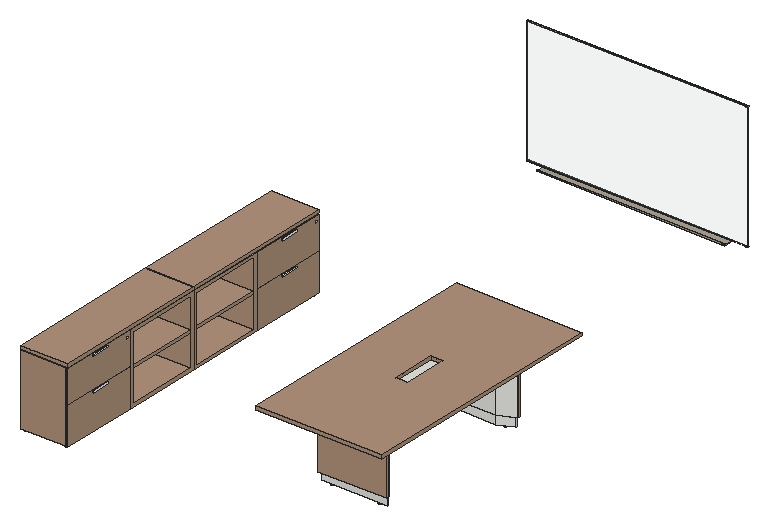
Revit family "Expansion_Casegoods-Meeting_08-Teknion-R2019", category Furniture Systems, Revit 2019 (continued)
Definition of nested family "Tables-Meeting-Teknion-BC_MHRB_Height_Adjustable_Meeting_Table_Bevel_Bases-R2019"
  Lines and regions (in)
    symbolic lines, detail levels medium+fine
      curve 41: line (-31.76025, 13, 0) -> (-31.76025, -13, 0)
      curve 42: line (-30.74425, 13, 0) -> (-31.76025, 13, 0)
      curve 43: line (-27.9096, -5.90551, 0) -> (-22.32299, -5.90551, 0)
      curve 44: line (-22.32299, -5.90551, 0) -> (-22.32299, 5.90551, 0)
      curve 45: line (-22.32299, 5.90551, 0) -> (-27.9096, 5.90551, 0)
      curve 46: line (27.9096, 5.90551, 0) -> (22.32299, 5.90551, 0)
      curve 47: line (22.32299, -5.90551, 0) -> (27.9096, -5.90551, 0)
      curve 48: line (22.32299, 5.90551, 0) -> (22.32299, -5.90551, 0)
      curve 49: line (27.9096, 6.99213, 0) -> (-27.9096, 6.99213, 0)
      curve 50: line (27.9096, 2.16535, 0) -> (-27.9096, 2.16535, 0)
      curve 51: line (-27.9096, -2.16535, 0) -> (27.9096, -2.16535, 0)
      curve 52: line (-27.9096, -6.99213, 0) -> (27.9096, -6.99213, 0)
    symbolic lines, detail levels fine
      curve 53: arc (-30.00016, 8.58268, 0) -> (-29.50016, 9.08268, 0) -> (-30.00016, 9.58268, 0) r 0.5
      curve 54: arc (-30.00016, 9.58268, 0) -> (-30.50016, 9.08268, 0) -> (-30.00016, 8.58268, 0) r 0.5
      curve 55: arc (-30.00016, -9.58268, 0) -> (-29.50016, -9.08268, 0) -> (-30.00016, -8.58268, 0) r 0.5
      curve 56: arc (-30.00016, -8.58268, 0) -> (-30.50016, -9.08268, 0) -> (-30.00016, -9.58268, 0) r 0.5
      curve 57: arc (30.00016, -9.58268, 0) -> (30.50016, -9.08268, 0) -> (30.00016, -8.58268, 0) r 0.5
      curve 58: arc (30.00016, -8.58268, 0) -> (29.50016, -9.08268, 0) -> (30.00016, -9.58268, 0) r 0.5
      curve 59: arc (30.00016, 9.58268, 0) -> (29.50016, 9.08268, 0) -> (30.00016, 8.58268, 0) r 0.5
      curve 60: arc (30.00016, 8.58268, 0) -> (30.50016, 9.08268, 0) -> (30.00016, 9.58268, 0) r 0.5
  Dimensions and locks (in)
    "Actual Width": plane 4 "Left" to plane 5 "Right"
    "Depth": plane 6 "Back" to plane 7 "Front"
    "Worksurface Thickness": plane 8 "Top" to plane 11
    equal spacing: plane 4 "Left", plane 3 "Center Left/Right", plane 5 "Right"
    equal spacing: plane 6 "Back", plane 1 "Center Front/Back", plane 7 "Front"
    locked: plane 8 "Top" to Sweep 2 sketch curve at 3
    "Rounded": Sweep 2 sketch curve to Sweep 2 sketch curve
    locked: plane 6 "Back" to Sweep 2 sketch curve at 2.875  (x2)
    locked: plane 4 "Left" to Sweep 2 sketch curve at 2.875  (x2)
    locked: plane 7 "Front" to Sweep 2 sketch curve at 2.875  (x2)
    locked: Sweep 2 sketch curve to plane 5 "Right" at 2.875  (x2)
    locked: plane 8 "Top" to Sweep 3 sketch curve at 3
    "Linear 18": Sweep 3 sketch curve to Sweep 3 sketch curve
    Sweep 3 sketch curve to plane 3 "Center Left/Right" to Sweep 3 sketch curve = 8.38583" locked, 8.38583" locked
    Sweep 3 sketch curve to plane 1 "Center Front/Back" to Sweep 3 sketch curve = 2.32283" locked, 2.32283" locked
    locked: plane 8 "Top" to Sweep 4 sketch curve at 3
    "Linear 8": Sweep 4 sketch curve to Sweep 4 sketch curve
    Sweep 4 sketch curve to plane 3 "Center Left/Right" to Sweep 4 sketch curve = 3.87795" locked, 3.87795" locked
    Sweep 4 sketch curve to plane 1 "Center Front/Back" to Sweep 4 sketch curve = 2.32283" locked, 2.32283" locked
    locked: plane 8 "Top" to Sweep 5 sketch curve at 3
    "Power": Sweep 5 sketch curve to Sweep 5 sketch curve
    Sweep 5 sketch curve to plane 3 "Center Left/Right" to Sweep 5 sketch curve = 2.24409" locked, 2.24409" locked
    Sweep 5 sketch curve to plane 1 "Center Front/Back" to Sweep 5 sketch curve = 1.65354" locked, 1.65354" locked
    equal spacing: plane 9, plane 3 "Center Left/Right", plane 10
    "Base Offset": plane 9 to plane 10
    locked: Sweep 6 sketch curve to Sweep 6 sketch curve at 24.35818
    "Worksurface Thickness": plane 8 "Top" to Sweep 6 sketch curve
    locked: plane 9 to Sweep 6 sketch curve at 1.01575
    locked: Sweep 6 sketch curve to plane 10 at 1.01575
    Sweep 6 sketch curve to Sweep 6 sketch curve to plane 1 "Center Front/Back" to Sweep 6 sketch curve to Sweep 6 sketch curve = 0.000" locked, 13.000" locked, 13.000" locked, 0.000" locked
    locked: Sweep 7 sketch curve to Sweep 7 sketch curve at 24.35818
    "Worksurface Thickness": plane 8 "Top" to Sweep 7 sketch curve
    Sweep 7 sketch curve to Sweep 7 sketch curve to plane 1 "Center Front/Back" to Sweep 7 sketch curve to Sweep 7 sketch curve = 0.000" locked, 13.000" locked, 13.000" locked, 0.000" locked
    plane 9 to Sweep 7 sketch curve to Sweep 7 sketch curve = 1.01575" locked, 2.83465" locked
    Sweep 7 sketch curve to Sweep 7 sketch curve to plane 10 = 2.83465" locked, 1.01575" locked
    locked: Sweep 8 sketch curve to level at 0.60236
    locked: Sweep 7 to Sweep 8 sketch curve at 0
    plane 9 to Sweep 8 sketch curve to Sweep 8 sketch curve = 1.09449" locked, 2.67717" locked
    Sweep 8 sketch curve to Sweep 8 sketch curve to plane 10 = 2.67717" locked, 1.09449" locked
    Sweep 8 sketch curve to Sweep 8 sketch curve to plane 1 "Center Front/Back" to Sweep 8 sketch curve to Sweep 8 sketch curve = 0.000" locked, 12.63741" locked, 12.63741" locked, 0.000" locked
    locked: Sweep 9 sketch curve to plane 10 at 3.8504
    locked: plane 9 to Sweep 9 sketch curve at 3.8504
    Sweep 9 sketch curve to plane 1 "Center Front/Back" to Sweep 9 sketch curve = 6.99213" locked, 6.99213" locked
    locked: Sweep 9 sketch curve to plane 11 at 4.8818
    locked: Sweep 10 sketch curve to Sweep 10 sketch curve at 0.59046
    plane 9 to Sweep 10 sketch curve to Sweep 10 sketch curve = 3.8504" locked, 5.58661" locked
    Sweep 10 sketch curve to Sweep 10 sketch curve to plane 10 = 5.58661" locked, 3.8504" locked
    Sweep 10 sketch curve to Sweep 10 sketch curve to plane 1 "Center Front/Back" to Sweep 10 sketch curve to Sweep 10 sketch curve = 0.000" locked, 5.90551" locked, 5.90551" locked, 0.000" locked
    Sweep 11 sketch curve to level to Sweep 11 sketch curve = 0.60236" locked, 0.000" locked
    plane 9 to Sweep 11 sketch curve to Sweep 11 sketch curve = 1.75984" locked, 0.000" locked
    Sweep 11 sketch curve to Sweep 11 sketch curve to plane 10 = 0.000" locked, 1.75984" locked
    Sweep 11 sketch curve to Sweep 11 sketch curve to plane 1 "Center Front/Back" to Sweep 11 sketch curve to Sweep 11 sketch curve = 0.000" locked, 9.08268" locked, 9.08268" locked, 0.000" locked
    "End Pannel Thickness": Sweep 6 sketch curve to Sweep 6 sketch curve  (x2)
    locked: plane 13 to level at 0.60236
    locked: plane 11 to plane 12 at 24.35818
    "Height": plane 8 "Top" to level
    aligned and locked: level to plane 2
    aligned and locked: Sweep 1 sketch curve to plane 3 "Center Left/Right"
    aligned and locked: plane 6 "Back" to Sweep 1 sketch curve
    aligned and locked: plane 4 "Left" to Sweep 1 sketch curve
    aligned and locked: Sweep 1 sketch curve to plane 7 "Front"
    aligned and locked: Sweep 1 sketch curve to plane 5 "Right"
    aligned and locked: Sweep 2 sketch curve to plane 3 "Center Left/Right"
    aligned and locked: Sweep 2 sketch curve to plane 5 "Right"
    aligned and locked: plane 4 "Left" to Sweep 2 sketch curve
    aligned and locked: Sweep 2 sketch curve to plane 7 "Front"
    aligned and locked: plane 7 "Front" to Sweep 2 sketch curve
    aligned and locked: plane 3 "Center Left/Right" to Sweep 3 sketch curve
    aligned and locked: plane 3 "Center Left/Right" to Sweep 4 sketch curve
    aligned and locked: plane 3 "Center Left/Right" to Sweep 5 sketch curve
    aligned and locked: Masking region 1 sketch curve to plane 4 "Left"
    aligned and locked: plane 6 "Back" to Masking region 1 sketch curve
    aligned and locked: plane 7 "Front" to Masking region 1 sketch curve
    aligned and locked: Masking region 1 sketch curve to plane 5 "Right"
    aligned and locked: Masking region 2 sketch curve to plane 4 "Left"
    aligned and locked: plane 7 "Front" to Masking region 2 sketch curve
    aligned and locked: Masking region 2 sketch curve to plane 5 "Right"
    aligned and locked: plane 6 "Back" to Masking region 2 sketch curve
    aligned and locked: curve 1 to Sweep 3
    aligned and locked: curve 2 to Sweep 3
    aligned and locked: curve 3 to Sweep 3
    aligned and locked: curve 4 to Sweep 3
    aligned and locked: curve 5 to Sweep 4
    aligned and locked: curve 6 to Sweep 4
    aligned and locked: curve 7 to Sweep 4
    aligned and locked: curve 8 to Sweep 4
    aligned and locked: curve 10 to Sweep 5
    aligned and locked: curve 12 to Sweep 5
    aligned and locked: plane 3 "Center Left/Right" to Sweep 6 sketch curve
    aligned and locked: plane 3 "Center Left/Right" to Sweep 7 sketch curve
    aligned and locked: plane 3 "Center Left/Right" to Sweep 8 sketch curve
    aligned and locked: plane 1 "Center Front/Back" to Sweep 9 sketch curve
    aligned and locked: plane 3 "Center Left/Right" to Sweep 10 sketch curve
    aligned and locked: Sweep 11 sketch curve to plane 3 "Center Left/Right"
    aligned and locked: curve 13 to Sweep 7
    aligned and locked: curve 14 to Sweep 7
    aligned and locked: curve 15 to Sweep 7
    aligned and locked: curve 16 to Sweep 7
    aligned and locked: curve 17 to Sweep 7
    aligned and locked: curve 18 to Sweep 7
    aligned and locked: curve 19 to Sweep 8
    aligned and locked: curve 20 to Sweep 8
    aligned and locked: curve 21 to Sweep 8
    aligned and locked: curve 22 to Sweep 8
    aligned and locked: curve 23 to Sweep 8
    aligned and locked: curve 24 to Sweep 8
    aligned and locked: curve 25 to Sweep 7
    aligned and locked: curve 26 to Sweep 7
    aligned and locked: curve 27 to Sweep 7
    aligned and locked: curve 28 to Sweep 7
    aligned and locked: curve 29 to Sweep 7
    aligned and locked: curve 30 to Sweep 7
    aligned and locked: curve 31 to Sweep 8
    aligned and locked: curve 32 to Sweep 8
    aligned and locked: curve 33 to Sweep 8
    aligned and locked: curve 35 to Sweep 8
    aligned and locked: curve 36 to Sweep 8
    aligned and locked: curve 37 to Sweep 6
    aligned and locked: curve 38 to Sweep 6
    aligned and locked: curve 39 to Sweep 6
    aligned and locked: curve 40 to Sweep 6
    aligned and locked: curve 41 to Sweep 6
    aligned and locked: curve 42 to Sweep 6
    aligned and locked: curve 43 to Sweep 10
    aligned and locked: curve 44 to Sweep 10
    aligned and locked: curve 45 to Sweep 10
    aligned and locked: curve 46 to Sweep 10
    aligned and locked: curve 47 to Sweep 10
    aligned and locked: curve 48 to Sweep 10
    aligned and locked: curve 49 to Sweep 9
    aligned and locked: curve 50 to Sweep 9
    aligned and locked: curve 51 to Sweep 9
    aligned and locked: curve 52 to Sweep 9
    aligned and locked: curve 53 to Sweep 11
    aligned and locked: curve 54 to Sweep 11
    aligned and locked: curve 55 to Sweep 11
    aligned and locked: curve 56 to Sweep 11
    aligned and locked: curve 57 to Sweep 11
    aligned and locked: curve 58 to Sweep 11
    aligned and locked: curve 59 to Sweep 11
    aligned and locked: curve 60 to Sweep 11
    aligned and locked: plane 8 "Top" to Sweep 1 sketch curve
    aligned and locked: plane 11 to Sweep 1 sketch curve
    aligned and locked: plane 11 to Sweep 10 sketch curve
    aligned and locked: plane 11 to Sweep 9 sketch curve
  Automatic sketch dimensions
    plane 4 "Left" to Masking region 2 sketch curve = 2.875"  (x2)
    Masking region 2 sketch curve to Masking region 2 sketch curve = 2.875"  (x2)
    curve 5 to curve 9 = 1.63386"
    Sweep 7 sketch curve to Sweep 7 sketch curve = 0.09696"  (x3)
    Sweep 7 sketch curve to Sweep 7 sketch curve = 2.73769"
    Sweep 7 sketch curve to Sweep 7 sketch curve = 5.97598"  (x4)
    Sweep 8 sketch curve to Sweep 8 sketch curve = 0.09772"  (x3)
    Sweep 8 sketch curve to plane 1 "Center Front/Back" = 7.00684"
    Sweep 8 sketch curve to Sweep 8 sketch curve = 2.57945"
    Sweep 8 sketch curve to Sweep 8 sketch curve = 5.63057"  (x3)
    Sweep 9 sketch curve to profile plane = 2.16535"
    profile plane to Sweep 9 sketch curve = 2.16535"
    Sweep 9 sketch curve to Sweep 9 sketch curve = 0.99991"  (x2)
    curve 34 to curve 25 = 0.0795"
    radius of Sweep 11 sketch curve = 0.500"  (x4)
Definition of nested family "Tables-Meeting-Teknion-BAWMG_Wall_Mounted_Glass_Markerboard-R2018"
  Parameters (values of type "Non-Magnetic Glass Markerboard Style, 52" h, with Pencil Tray")
    Width [instance] = 48.000"
    Warranty = "http://www.teknion.com/ca/papers/legal-canada"
    Unit Weight URL = "http://www.teknion.com/ca/tools/assets#&asset=bee6a381-b954-425e-8283-5a2de3a804f2,f828d448-4b62-4231-9e5f-9a8991c0ed77"
    URL = "www.teknion.com"
    Top Trim & Pencil Tray Finish [instance] = none
    To render please download texture images found here [instance] = "https://assets.teknion.com/web/5e81352c1dfdb467/revit-material-swatches/"
    Sustainability Data = "https://www.teknion.com/ca/tools/assets#&topic=216f99a5-57a0-44fc-b10a-9dee9b29ae4c&asset=444deb64-fe58-4b68-981e-f75e97781df7,b4ff2d81-9f2e-437d-9659-7cffb09c31cf"
    Series = "Expansion Casegoods"  # constant formula
    Product Page URL = "https://www.teknion.com/ca/products/product-details?productLineId=0053336e-8e7a-673b-a6c8-ff00004460c4"
    Product Line = "Expansion Casegoods"  # constant formula
    Product Documentation Link = "https://www.teknion.com/pricing/expansion-casegoods/pdfs/BAWMG_ppg.pdf"
    Pencil Tray Option = yes
    Part Number = "BAWMG"  # constant formula
    Model = "BAWMGG52__Y"
    Manufacturer Phone = "416-661-3370"  # constant formula
    Manufacturer Fax = "416.661.4586"  # constant formula
    Manufacturer Contact Information = "http://www.teknion.com/ca/contactus"
    Manufacturer Address = "1150 Flint Road, Toronto, ON. M3J 2J5. Canada"  # constant formula
    Manufacturer = "Teknion"  # constant formula
    How To Use Teknion Materials User Guide [instance] = "https://assets.teknion.com/m/205dd0a49fa58060/original/How-to-add-a-Material-Library-and-Texture-Images-to-your-Revit-project.pdf"
    Height = 52.000"
    For Additional Finishes please visit [instance] = "https://assets.teknion.com/m/44a8009b046e5d47/original/Teknion_Materials_Library.zip"
    Description = "Wall-Mounted Glass Markerboard, Non-Magnetic Glass Markerboard Style, 52\" Height, with Pencil Tray"
    Available Widths [instance] = if(Height = 48.000", "48, 49, 50, 51, 52, 53, 54, 55, 56, 57, 58, 59, 60, 61, 62, 63, 64, 65, 66, 67, 68, 69, 70, 71, 72, 73, 74, 75, 76, 77, 78, 79, 80, 81, 82, 83, 84, 85, 86, 87, 88, 89, 90, 91, 92, 93, 94, 95, 96 inches.", "48, 49, 50, 51, 52, 53, 54, 55, 56, 57, 58, 59, 60, 61, 62, 63, 64, 65, 66, 67, 68, 69, 70, 71, 72, 73, 74, 75, 76, 77, 78, 79, 80, 81, 82, 83, 84, 85, 86, 87, 88 inches.")  # "48, 49, 50, 51, 52, 53, 54, 55, 56, 57, 58, 59, 60, 61, 62, 63, 64, 65, 66, 67, 68, 69, 70, 71, 72, 73, 74, 75, 76, 77, 78, 79, 80, 81, 82, 83, 84, 85, 86, 87, 88 inches."
    Assembly Code = "E2020200"
  Types (9): name | Pencil Tray Option | Model | Height | Description | Available Widths
    (no name) | yes | "BAWMGG52__Y" | 52.000" | "Wall-Mounted Glass Markerboard, Non-Magnetic Glass Markerboard Style, 52\" Height, with Pencil Tray" | "48, 49, 50, 51, 52, 53, 54, 55, 56, 57, 58, 59, 60, 61, 62, 63, 64, 65, 66, 67, 68, 69, 70, 71, 72, 73, 74, 75, 76, 77, 78, 79, 80, 81, 82, 83, 84, 85, 86, 87, 88 inches."
    Non-Magnetic Glass Markerboard Style, 48" h, with Pencil Tray | yes | "BAWMGG48__Y" | 48.000" | "Wall-Mounted Glass Markerboard, Non-Magnetic Glass Markerboard Style, 48\" Height, with Pencil Tray" | "48, 49, 50, 51, 52, 53, 54, 55, 56, 57, 58, 59, 60, 61, 62, 63, 64, 65, 66, 67, 68, 69, 70, 71, 72, 73, 74, 75, 76, 77, 78, 79, 80, 81, 82, 83, 84, 85, 86, 87, 88, 89, 90, 91, 92, 93, 94, 95, 96 inches."
    Non-Magnetic Glass Markerboard Style, 48" h | no | "BAWMGG48__N" | 48.000" | "Wall-Mounted Glass Markerboard, Non-Magnetic Glass Markerboard Style, 48\" Height" | "48, 49, 50, 51, 52, 53, 54, 55, 56, 57, 58, 59, 60, 61, 62, 63, 64, 65, 66, 67, 68, 69, 70, 71, 72, 73, 74, 75, 76, 77, 78, 79, 80, 81, 82, 83, 84, 85, 86, 87, 88, 89, 90, 91, 92, 93, 94, 95, 96 inches."
    Non-Magnetic Glass Markerboard Style, 52" h | no | "BAWMGG52__N" | 52.000" | "Wall-Mounted Glass Markerboard, Non-Magnetic Glass Markerboard Style, 52\" Height" | "48, 49, 50, 51, 52, 53, 54, 55, 56, 57, 58, 59, 60, 61, 62, 63, 64, 65, 66, 67, 68, 69, 70, 71, 72, 73, 74, 75, 76, 77, 78, 79, 80, 81, 82, 83, 84, 85, 86, 87, 88 inches."
    Non-Magnetic Glass Markerboard Style, 52" h, with Pencil Tray | yes | "BAWMGG52__Y" | 52.000" | "Wall-Mounted Glass Markerboard, Non-Magnetic Glass Markerboard Style, 52\" Height, with Pencil Tray" | "48, 49, 50, 51, 52, 53, 54, 55, 56, 57, 58, 59, 60, 61, 62, 63, 64, 65, 66, 67, 68, 69, 70, 71, 72, 73, 74, 75, 76, 77, 78, 79, 80, 81, 82, 83, 84, 85, 86, 87, 88 inches."
    Magnetic Glass Markerboard Style, 48" h | no | "BAWMGM48__N" | 48.000" | "Wall-Mounted Glass Markerboard, Magnetic Glass Markerboard Style, 48\" Height" | "48, 49, 50, 51, 52, 53, 54, 55, 56, 57, 58, 59, 60, 61, 62, 63, 64, 65, 66, 67, 68, 69, 70, 71, 72, 73, 74, 75, 76, 77, 78, 79, 80, 81, 82, 83, 84, 85, 86, 87, 88, 89, 90, 91, 92, 93, 94, 95, 96 inches."
    Magnetic Glass Markerboard Style, 48" h, with Pencil Tray | yes | "BAWMGM48__Y" | 48.000" | "Wall-Mounted Glass Markerboard, Magnetic Glass Markerboard Style, 48\" Height, with Pencil Tray" | "48, 49, 50, 51, 52, 53, 54, 55, 56, 57, 58, 59, 60, 61, 62, 63, 64, 65, 66, 67, 68, 69, 70, 71, 72, 73, 74, 75, 76, 77, 78, 79, 80, 81, 82, 83, 84, 85, 86, 87, 88, 89, 90, 91, 92, 93, 94, 95, 96 inches."
    Magnetic Glass Markerboard Style, 52" h | no | "BAWMGM52__N" | 52.000" | "Wall-Mounted Glass Markerboard, Magnetic Glass Markerboard Style, 52\" Height" | "48, 49, 50, 51, 52, 53, 54, 55, 56, 57, 58, 59, 60, 61, 62, 63, 64, 65, 66, 67, 68, 69, 70, 71, 72, 73, 74, 75, 76, 77, 78, 79, 80, 81, 82, 83, 84, 85, 86, 87, 88 inches."
    Magnetic Glass Markerboard Style, 52" h, with Pencil Tray | yes | "BAWMGM52__Y" | 52.000" | "Wall-Mounted Glass Markerboard, Magnetic Glass Markerboard Style, 52\" Height, with Pencil Tray" | "48, 49, 50, 51, 52, 53, 54, 55, 56, 57, 58, 59, 60, 61, 62, 63, 64, 65, 66, 67, 68, 69, 70, 71, 72, 73, 74, 75, 76, 77, 78, 79, 80, 81, 82, 83, 84, 85, 86, 87, 88 inches."
  Reference planes (in)
    plane 1 "Center Front/Back": y = -0.06788
    plane 2: z = 0
    plane 3 "Center Left/Right": x = 0.77298
    plane 4 "Left": x = -23.22702
    plane 5 "Right": x = 24.77298
    plane 6 "Back": y = 0.14354
    plane 7 "Front": y = -0.27929
    plane 8 "Top": z = 92.05906
    plane 9: z = 40.05906
  Forms (in)
    Sweep 1, solid
      path origin (0, 0, 0) x (1, 0, 0) y (0, 1, 0)
        loop
          line (0.77298, -0.17929) -> (0.77298, 0.14354)
      profile origin (0.77298, -0.01788, 0) x (-1, 0, 0) y (0, 0, 1)
        loop
          line (24, 92.00906) -> (-24, 92.00906) -> (-24, 40.16811) -> (24, 40.16811) -> (24, 92.00906)
    Sweep 2, solid, material <- "Top Trim & Pencil Tray Finish"
      path origin (0, 0, 0) x (1, 0, 0) y (0, 1, 0)
        loop
          line (0.77298, -0.27929) -> (0.77298, 0.14354)
      profile origin (0.77298, -0.06788, 0) x (-1, 0, 0) y (0, 0, 1)
        loop
          line (24, 92.00906) -> (24, 92.05906) -> (-24, 92.05906) -> (-24, 92.00906) -> (24, 92.00906)
        loop
          line (-24, 40.16811) -> (-24, 40.05906) -> (24, 40.05906) -> (24, 40.16811) -> (-24, 40.16811)
    Sweep 3, solid
      path origin (0, 0, 0) x (1, 0, 0) y (0, 1, 0)
        loop
          line (0.77298, -0.17929) -> (0.77298, -0.27929)
      profile origin (0.77298, -0.22929, 0) x (1, 0, 0) y (0, 0, 1)
        loop
          line (-24, 92.00906) -> (-24, 40.16811) -> (24, 40.16811) -> (24, 92.00906) -> (-24, 92.00906)
    Sweep 4, solid, material <- "Top Trim & Pencil Tray Finish", visible <- "Pencil Tray Option"
      path origin (0, 0, 0) x (1, 0, 0) y (0, 1, 0)
        loop
          line (-17.22702, -1.42754) -> (18.77298, -1.42754)
      profile origin (0.77298, -1.42754, 0) x (0, 1, 0) y (0, 0, 1)
        loop
          line (1.57108, 40) -> (1.57108, 40.05906) -> (-1.91317, 40.05906) -> (-1.91317, 40.51732) -> (-1.97222, 40.51732) -> (-1.97222, 40) -> (1.57108, 40)
  Lines and regions (in)
    Masking region 1
      outline origin (0, 0, 0) x (1, 0, 0) y (0, 1, 0)
        loop
          line (-23.22702, 0.14354) -> (-23.22702, -0.27929) -> (24.77298, -0.27929) -> (24.77298, 0.14354) -> (-23.22702, 0.14354)
    Masking region 2, visible <- "Pencil Tray Option"
      outline origin (0, 0, 0) x (1, 0, 0) y (0, 1, 0)
        loop
          line (-17.22702, -3.39977) -> (18.77298, -3.39977) -> (18.77298, -0.27929) -> (-17.22702, -0.27929) -> (-17.22702, -3.39977)
    symbolic lines, visible <- "Pencil Tray Option"
      curve 1: line (18.77298, -3.34071, 0) -> (-17.22702, -3.34071, 0)
    symbolic lines, visible <- "Pencil Tray Option", detail levels fine
      curve 2: line (-17.22702, -0.27929, 0) -> (-17.22702, 0.14354, 0)
      curve 3: line (18.77298, 0.14354, 0) -> (18.77298, -0.27929, 0)
    reference lines
      curve 4: line (24.77298, 0.14354, 0) -> (24.77298, -0.27929, 0)
      curve 5: line (-23.22702, 0.14354, 0) -> (-23.22702, -0.27929, 0)
  Dimensions and locks (in)
    "Width": plane 4 "Left" to plane 5 "Right"
    equal spacing: plane 6 "Back", plane 1 "Center Front/Back", plane 7 "Front", locked at 0.21142 each
    "Height": plane 8 "Top" to plane 9
    equal spacing: plane 4 "Left", plane 3 "Center Left/Right", plane 5 "Right"
    locked: plane 9 to level at 40.05906
    locked: plane 8 "Top" to Sweep 1 sketch curve at 0.05
    locked: Sweep 1 sketch curve to plane 9 at 0.10906
    locked: plane 8 "Top" to Sweep 2 sketch curve at 0.05
    locked: Sweep 2 sketch curve to plane 9 at 0.10906
    locked: plane 6 "Back" to Sweep 1 sketch curve at 0.32283
    locked: plane 7 "Front" to Sweep 3 sketch curve at 0.1
    locked: Sweep 3 sketch curve to plane 9 at 0.10906
    locked: plane 8 "Top" to Sweep 3 sketch curve at 0.05
    locked: plane 4 "Left" to Sweep 4 sketch curve at 6
    locked: Sweep 4 sketch curve to plane 5 "Right" at 6
    Sweep 4 sketch curve to plane 9 to Sweep 4 sketch curve = 0.45827" locked, 0.05906" locked
    plane 7 "Front" to Sweep 4 sketch curve to Sweep 4 sketch curve = 3.06142" locked, 0.05906" locked
    aligned and locked: level to plane 2
    aligned and locked: plane 6 "Back" to Sweep 1 sketch curve
    aligned and locked: plane 3 "Center Left/Right" to Sweep 1 sketch curve
    aligned and locked: Sweep 1 sketch curve to plane 5 "Right"
    aligned and locked: Sweep 1 sketch curve to plane 4 "Left"
    aligned and locked: plane 8 "Top" to Sweep 2 sketch curve
    aligned and locked: plane 4 "Left" to Sweep 2 sketch curve
    aligned and locked: Sweep 2 sketch curve to plane 5 "Right"
    aligned and locked: plane 9 to Sweep 2 sketch curve
    aligned and locked: Sweep 2 sketch curve to plane 4 "Left"
    aligned and locked: plane 5 "Right" to Sweep 2 sketch curve
    aligned and locked: plane 7 "Front" to Sweep 3 sketch curve
    aligned and locked: Sweep 3 sketch curve to plane 4 "Left"
    aligned and locked: plane 5 "Right" to Sweep 3 sketch curve
    aligned and locked: plane 9 to Sweep 4 sketch curve
    aligned and locked: Sweep 4 sketch curve to plane 6 "Back"
    aligned and locked: Masking region 1 sketch curve to plane 6 "Back"
    aligned and locked: Masking region 1 sketch curve to plane 4 "Left"
    aligned and locked: Masking region 1 sketch curve to plane 7 "Front"
    aligned and locked: Masking region 1 sketch curve to plane 5 "Right"
    aligned and locked: Masking region 2 sketch curve to Sweep 4  (x3)
    aligned and locked: plane 7 "Front" to Masking region 2 sketch curve
    aligned and locked: curve 1 to Sweep 4
    aligned and locked: Sweep 4 to curve 2
    aligned and locked: plane 6 "Back" to curve 2
    aligned and locked: plane 7 "Front" to curve 2
    aligned and locked: plane 7 "Front" to curve 3
    aligned and locked: curve 3 to plane 6 "Back"
    aligned and locked: curve 3 to Sweep 4
    aligned and locked: curve 4 to plane 5 "Right"
    aligned and locked: curve 5 to plane 4 "Left"
  Automatic sketch dimensions
    Sweep 2 sketch curve to plane 3 "Center Left/Right" = 0.000"
    plane 7 "Front" to Sweep 2 sketch curve = 0.000"
    Sweep 2 sketch curve to plane 6 "Back" = 0.000"
    Sweep 3 sketch curve to plane 3 "Center Left/Right" = 0.000"
    plane 7 "Front" to Sweep 4 sketch curve = 1.14825"
    curve 1 to curve 2 = 0.000"
    curve 1 to curve 3 = 0.000"
    plane 7 "Front" to curve 4 = 0.000"
    plane 6 "Back" to curve 4 = 0.000"
    curve 5 to plane 7 "Front" = 0.000"
    curve 5 to plane 6 "Back" = 0.000"
